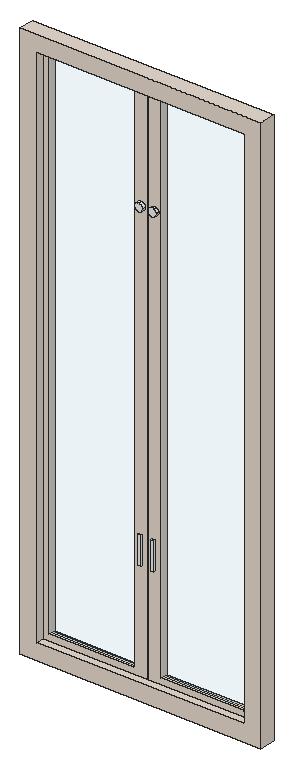
Revit family
Parameters (values of type "대피창-900*2100")
  창프레임폭 = 50 mm
  창프레임두께 = 문틀두께 / 4  # 25 mm
  창문폭 = Width / 2  # 450 mm
  유리 = 유리
  문틀두께 = 100 mm
  문틀 [instance] = 문틀
  문열림각도 = 90.00°
  Height = 2100 mm
  Default Sill Height = 500 mm
  Wall Closure = (empty or 0)
  Width = 900 mm
  Assembly Code = ""
Types (2, lengths in mm): name | Height
  대피창-900*2100 | 2100
  대피창900X1210 | 1210
Reference planes
  plane 1 "Center (Front/Back)": y = 0
  plane 2 "Center (Left/Right)": x = 0
  plane 3 "Left": x = -450
  plane 4 "Right": x = 450
  plane 5 "Sill": z = 500
  plane 6 "Head": z = 2600
  plane 7 "Exterior": y = 100
  plane 8 "Interior": y = -100
  plane 9: y = 45
Forms (mm)
  Sweep 1, solid, material "문틀" <- "문틀"
    path origin (0, 100, 0) x (1, 0, 0) y (0, 0, 1)
      loop
        line (450, 2600) -> (-450, 2600) -> (-450, 500) -> (450, 500) -> (450, 2600)
    profile origin (0, 100, 2600) x (0, 0, -1) y (0, -1, 0)
      loop
        line (0, 59.499) -> (0, 0) -> (30, 0) -> (30, 29.499) -> (60, 29.499) -> (60, 59.499) -> (0, 59.499)
  Extrusion 2, solid, material "문틀" <- "문틀"
    sketch origin (-970, 100, 0) x (1, 0, 0) y (0, 0, 1)
      loop
        line (970, 2570) -> (550, 2570) -> (550, 530) -> (970, 530) -> (970, 2570)
      loop
        line (920, 2520) -> (600, 2520) -> (600, 580) -> (920, 580) -> (920, 2520)
    from 0 to 25
  Extrusion 3, solid, material "유리" <- "유리"
    sketch origin (-970, 100, 0) x (1, 0, 0) y (0, 0, 1)
      loop
        line (920, 2520) -> (600, 2520) -> (600, 580) -> (920, 580) -> (920, 2520)
    from 8.333 to 16.667
  Extrusion 4, solid, material "문틀" <- "문틀"
    sketch origin (0, 100, 0) x (1, 0, 0) y (0, 0, 1)
      loop
        line (420, 2570) -> (0, 2570) -> (0, 530) -> (420, 530) -> (420, 2570)
      loop
        line (370, 2520) -> (50, 2520) -> (50, 580) -> (370, 580) -> (370, 2520)
    from 0 to 25
  Extrusion 5, solid, material "유리" <- "유리"
    sketch origin (0, 100, 0) x (1, 0, 0) y (0, 0, 1)
      loop
        line (370, 2520) -> (50, 2520) -> (50, 580) -> (370, 580) -> (370, 2520)
    from 8.333 to 16.667
  Extrusion 6, solid, material "문틀" <- "문틀"
    sketch origin (0, 100, 0) x (-1, 0, 0) y (0, 0, -1)
      loop
        line (420, -2570) -> (420, -530) -> (0, -530) -> (0, -2570) -> (420, -2570)
      loop
        line (370, -2520) -> (370, -580) -> (50, -580) -> (50, -2520) -> (370, -2520)
    from 0 to 25
  Extrusion 7, solid, material "유리" <- "유리"
    sketch origin (0, 100, 0) x (-1, 0, 0) y (0, 0, -1)
      loop
        line (370, -2520) -> (370, -580) -> (50, -580) -> (50, -2520) -> (370, -2520)
    from 8.333 to 16.667
  Extrusion 8, solid, material "손잡이"
    sketch origin (-500, 45, 1000) x (-1, 0, 0) y (0, 0, 1)
      loop
        circle (-475.237, 1138.149) r 15
    from 19.963 to 30
  Extrusion 9, solid, material "손잡이"
    sketch origin (-500.729, 45, 999.375) x (-1, 0, 0) y (0, 0, 1)
      loop
        line (-470.729, 39.39) -> (-480.729, 39.39) -> (-480.729, -64.36) -> (-470.729, -64.36) -> (-470.729, 39.39)
    from 19.963 to 25.501
  Extrusion 10, solid, material "손잡이"
    sketch origin (-450, 45, 1000) x (-1, 0, 0) y (0, 0, 1)
      loop
        circle (-475.237, 1138.149) r 15
    from 19.963 to 30
  Extrusion 11, solid, material "손잡이"
    sketch origin (-450.729, 45, 999.375) x (-1, 0, 0) y (0, 0, 1)
      loop
        line (-470.729, 39.39) -> (-480.729, 39.39) -> (-480.729, -64.36) -> (-470.729, -64.36) -> (-470.729, 39.39)
    from 19.963 to 25.501
Cuts and joins
  joined: Extrusion 8, Extrusion 9
  joined: Extrusion 10, Extrusion 11
Lines and regions (mm)
  Opening 1
    outline origin (3500, -100, 0) x (1, 0, 0) y (0, 0, 1)
      loop
        line (-3050, 500) -> (-3050, 2600) -> (-3950, 2600) -> (-3950, 500) -> (-3050, 500)
  symbolic lines
    curve 1: line (450, 100, 0) -> (432.322, 86.41, 0)
    curve 2: line (175.736, 456.762, 0) -> (450, 100, 0)
    curve 3: line (158.058, 443.172, 0) -> (175.736, 456.762, 0)
    curve 4: line (432.322, 86.41, 0) -> (158.058, 443.172, 0)
    curve 5: arc (0, 100, 0) -> (46.318, 298.848, 0) -> (175.736, 456.762, 0) r 450
    curve 6: line (-450, 100, 0) -> (-432.322, 84.939, 0)
    curve 7: line (-158.162, 442.536, 0) -> (-450, 100, 0)
    curve 8: line (-140.485, 427.475, 0) -> (-158.162, 442.536, 0)
    curve 9: line (-432.322, 84.939, 0) -> (-140.485, 427.475, 0)
    curve 10: arc (0, 100, 0) -> (-41.45, 288.644, 0) -> (-158.162, 442.536, 0) r 450
Text (mm)
  text "EXTERIOR" at (-1963.203, 1332.353, 0), in view "Ref. Level"
  text "INTERIOR" at (-1981.466, -818.386, 0), in view "Ref. Level"
  text "Exterior" at (0, 923.751, 2943.296), in view "Right"
  text "Exterior" at (0, 1040.484, 2685.409), in view "Left"
Dimensions and locks
  equal spacing: plane 3 "Left", plane 2 "Center (Left/Right)", plane 4 "Right"
  "Width": plane 3 "Left" to plane 4 "Right"
  "Height": plane 5 "Sill" to plane 6 "Head"
  "Default Sill Height": plane 5 "Sill" to level
  locked: plane 7 "Exterior" to host wall at 0
  locked: plane 8 "Interior" to host wall
  plane 2 "Center (Left/Right)" to plane 4 "Right" = 450 mm
  "창프레임폭": Extrusion 2 sketch curve to Extrusion 3  (x2)
  "창프레임폭": Extrusion 3 to Extrusion 2 sketch curve  (x2)
  "창프레임두께": Extrusion 2 to Extrusion 2
  equal spacing: Extrusion 2, Extrusion 3, Extrusion 3, Extrusion 2
  "창프레임폭": Extrusion 4 sketch curve to Extrusion 5  (x2)
  "창프레임폭": Extrusion 5 to Extrusion 4 sketch curve  (x2)
  "창프레임두께": Extrusion 4 to Extrusion 4
  equal spacing: Extrusion 4, Extrusion 5, Extrusion 5, Extrusion 4
  "창문폭": curve 1 to curve 3
  "창프레임폭": Extrusion 6 sketch curve to Extrusion 7  (x2)
  "창프레임폭": Extrusion 7 to Extrusion 6 sketch curve  (x2)
  "창프레임두께": Extrusion 6 to Extrusion 6
  equal spacing: Extrusion 6, Extrusion 7, Extrusion 7, Extrusion 6
  "창문폭": curve 6 to curve 8
  aligned and locked: host wall to Sweep 1 sketch curve
  aligned and locked: Sweep 1 sketch curve to host wall  (x3)
  aligned and locked: plane 2 "Center (Left/Right)" to Extrusion 4
  aligned and locked: Extrusion 4 to Sweep 1
  aligned and locked: host wall to Extrusion 2
  aligned and locked: Sweep 1 to Extrusion 9
Automatic sketch dimensions
  Opening 1 sketch curve to plane 3 "Left" = 0 mm
  Opening 1 sketch curve to plane 4 "Right" = 0 mm
  Opening 1 sketch curve to plane 5 "Sill" = 0 mm
  Opening 1 sketch curve to plane 6 "Head" = 0 mm
  Sweep 1 sketch curve to profile plane = 0 mm
  Sweep 1 sketch curve to plane 7 "Exterior" = 0 mm
  Sweep 1 sketch curve to profile plane = 30 mm
  Sweep 1 sketch curve to Sweep 1 sketch curve = 30 mm  (x2)
  plane 7 "Exterior" to Sweep 1 sketch curve = 29.499 mm
  Extrusion 2 sketch curve to Extrusion 2 sketch curve = 50 mm  (x3)
  plane 2 "Center (Left/Right)" to Extrusion 2 sketch curve = 50 mm
  Extrusion 3 sketch curve to plane 3 "Left" = 80 mm
  plane 2 "Center (Left/Right)" to Extrusion 3 sketch curve = 50 mm
  Extrusion 3 sketch curve to plane 5 "Sill" = 80 mm
  plane 6 "Head" to Extrusion 3 sketch curve = 80 mm
  Extrusion 4 sketch curve to plane 2 "Center (Left/Right)" = 50 mm
  Extrusion 4 sketch curve to Extrusion 4 sketch curve = 50 mm  (x3)
  Extrusion 5 sketch curve to plane 2 "Center (Left/Right)" = 50 mm
  plane 4 "Right" to Extrusion 5 sketch curve = 80 mm
  Extrusion 5 sketch curve to plane 5 "Sill" = 80 mm
  plane 6 "Head" to Extrusion 5 sketch curve = 80 mm
  curve 10 to host wall = 0 mm
  curve 10 to plane 3 "Left" = 0 mm
  curve 7 to host wall = 0 mm
  curve 7 to plane 3 "Left" = 0 mm
  curve 5 to host wall = 0 mm
  curve 5 to plane 2 "Center (Left/Right)" = 0 mm
  curve 2 to host wall = 0 mm
  curve 2 to plane 4 "Right" = 0 mm
  curve 6 to host wall = 15.061 mm
  curve 6 to curve 6 = 17.678 mm
  curve 4 to plane 2 "Center (Left/Right)" = 158.058 mm
  curve 3 to curve 5 = 17.678 mm
  Extrusion 6 sketch curve to plane 2 "Center (Left/Right)" = 50 mm
  Extrusion 6 sketch curve to Extrusion 6 sketch curve = 50 mm  (x3)
  Extrusion 7 sketch curve to plane 2 "Center (Left/Right)" = 50 mm
  plane 3 "Left" to Extrusion 7 sketch curve = 80 mm
  plane 5 "Sill" to Extrusion 7 sketch curve = 80 mm
  Extrusion 7 sketch curve to plane 6 "Head" = 80 mm
  plane 2 "Center (Left/Right)" to Extrusion 8 sketch curve = 24.763 mm
  plane 6 "Head" to Extrusion 8 sketch curve = 461.851 mm
  plane 2 "Center (Left/Right)" to Extrusion 9 sketch curve = 20 mm
  Extrusion 9 sketch curve to Extrusion 9 sketch curve = 10 mm
  Extrusion 9 sketch curve to plane 5 "Sill" = 435.015 mm
  Extrusion 9 sketch curve to Extrusion 9 sketch curve = 103.75 mm
  Extrusion 10 sketch curve to plane 2 "Center (Left/Right)" = 25.237 mm
  plane 6 "Head" to Extrusion 10 sketch curve = 461.851 mm
  Extrusion 11 sketch curve to plane 2 "Center (Left/Right)" = 30 mm
  Extrusion 11 sketch curve to Extrusion 11 sketch curve = 10 mm
  Extrusion 11 sketch curve to plane 5 "Sill" = 435.015 mm
  Extrusion 11 sketch curve to Extrusion 11 sketch curve = 103.75 mm
  radius of Extrusion 8 sketch curve = 15 mm
  radius of Extrusion 10 sketch curve = 15 mm
